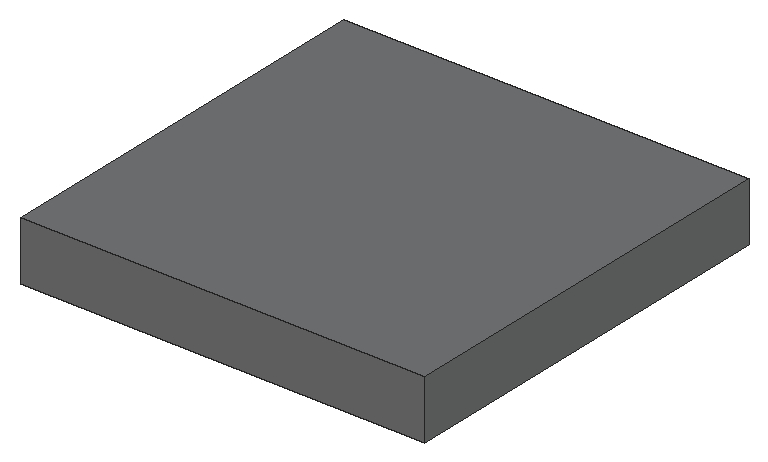
Revit family "Gira_028701", category Electrical Fixtures, host Face, Revit 2017
Family settings
  Host = Face
  Maintain Annotation Orientation = No
  Round Connector Dimension = Use Diameter
  Part Type = Normal
  Cut with Voids When Loaded = No
  Shared = No
  Room Calculation Point = No
Parameters (values of type "Rocker sym.door System 55 cr.white")
  With exchangeable lens/symbol = "No"
  URL = "http://katalog.gira.de/en/datenblatt.html?artikelnr=028701"
  Suitable for touch sensor connector for bus system = "No"
  Scannable symbol / barrier free = "No"
  Name = "Rocker sym.door System 55 cr.white"
  Monitoring window/light outlet = "Yes"
  Model = "Single rocker"
  Manufacturer URL = "https://www.gira.de/"
  Manufacturer = "Gira"
  Keynote = ""
  HeinzeBIM = "https://bimportal.heinze.de/bim/rocker-sym-door-system-55-cr-white/a4ff5e0ec24ae795d9408c56cbf57d5dc81c65ba"
  HAN = "028701"
  GTIN = "4010337287018"
  Description = "Rock.sym.door Sys55 CW,Rocker with symbol,Door,cream white glossy,"
  Default Elevation = 1219.2 mm
  Data sheet (1) = "https://katalog.gira.de/en/download.html?artikelnr=028701"
  Category = "Control element/cover plate for domestic switching devices"
  BIM (1) = "https://media.stage.bim.site/public/gira/36a6b08/Sys55_Abdeckung_Schalten und Tasten.rfa?public/gira/36a6b08/Sys55_Abdeckung_Schalten und Tasten.rfa"
  Available = "No"
  Anthrazit [instance] = Anthrazit
Reference planes
  plane 1 "Center (Front/Back)": y = 0
  plane 2: z = 0
  plane 3 "Center (Left/Right)": x = 0
Forms (mm)
  Extrusion 1, solid, material "Anthrazit" <- "Anthrazit", detail levels fine
    sketch origin (0, 0, 0) x (1, 0, 0) y (0, 1, 0)
      loop
        line (-27.5, 27.5) -> (-27.5, -27.5) -> (27.5, -27.5) -> (27.5, 27.5) -> (-27.5, 27.5)
    from 0 to 8
  Extrusion 2, void
    sketch origin (0, 0, 0) x (1, 0, 0) y (0, 1, 0)
      loop
        line (26, 26) -> (-26, 26) -> (-26, -26) -> (26, -26) -> (26, 26)
    from 0 to 6
  Extrusion 3, solid, material "Anthrazit" <- "Anthrazit", detail levels medium
    sketch origin (0, 0, 0) x (1, 0, 0) y (0, 1, 0)
      loop
        line (-27.5, 27.5) -> (-27.5, -27.5) -> (27.5, -27.5) -> (27.5, 27.5) -> (-27.5, 27.5)
    from 0 to 8
  Extrusion 4, solid, material "Anthrazit" <- "Anthrazit", detail levels medium
    sketch origin (0, 0, 0) x (1, 0, 0) y (0, 1, 0)
      loop
        line (11, -17.5) -> (11, 17.5) -> (-11, 17.5) -> (-11, -17.5) -> (11, -17.5)
    from -6 to 6
  Extrusion 5, solid, material "Anthrazit" <- "Anthrazit", detail levels fine
    sketch origin (0, 0, 0) x (1, 0, 0) y (0, 1, 0)
      loop
        line (11, 17.5) -> (-11, 17.5) -> (-11, 16.5) -> (11, 16.5) -> (11, 17.5)
      loop
        line (-11, -16.5) -> (-11, -17.5) -> (11, -17.5) -> (11, -16.5) -> (-11, -16.5)
    from -4 to 6
  Extrusion 6, solid, material "Anthrazit" <- "Anthrazit", detail levels fine
    sketch origin (0, 0, 0) x (1, 0, 0) y (0, 1, 0)
      loop
        arc (5, 9.347) -> (0, 10.6) -> (-5, 9.347) r 10.6
        line (-5, 9.347) -> (-5, -9.347)
        arc (-5, -9.347) -> (0, -10.6) -> (5, -9.347) r 10.6
        line (5, -9.347) -> (5, 9.347)
    from -6 to 6
  Extrusion 7, solid, material "Anthrazit" <- "Anthrazit", detail levels coarse
    sketch origin (0, 0, 0) x (1, 0, 0) y (0, 1, 0)
      loop
        line (-27.5, 27.5) -> (-27.5, -27.5) -> (27.5, -27.5) -> (27.5, 27.5) -> (-27.5, 27.5)
    from -6 to 8
Cuts and joins
  Extrusion 2 cuts Extrusion 1
Dimensions and locks
  aligned and locked: plane 2 to host face
  aligned and locked: level to host face
